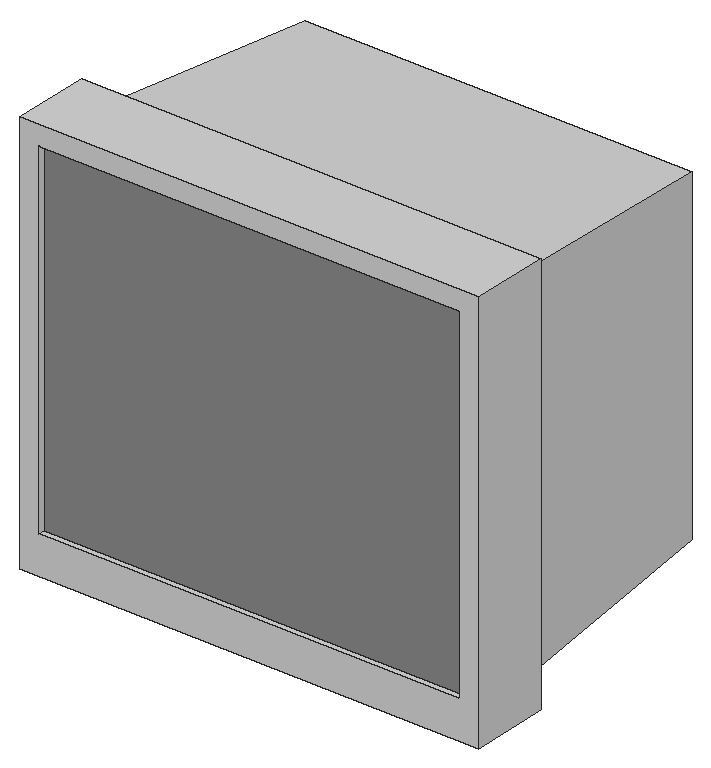
Revit family
Parameters (values of type "935mm Width")
  Vis - Symbolic Hidden = yes
  Material Screen = Glass - Grey, Dark
  Material = Plastic - Gray
  Keynote = "N"
  Depth = 635.00 mm
  Height = 825.00 mm
  Width = 935.00 mm
Types (5, lengths in mm): name | Vis - Symbolic Hidden | Material Screen | Depth | Height | Width
  (no name) | yes | Glass - Grey, Dark | 635.00 | 825.00 | 935.00
  648mm Width | no | none | 513.00 | 595.00 | 648.00
  520mm Width | no | none | 468.00 | 445.00 | 520.00
  754mm Width | no | Glass - Grey, Dark | 546.00 | 686.00 | 754.00
  935mm Width | yes | Glass - Grey, Dark | 635.00 | 825.00 | 935.00
Reference planes
  plane 1 "Center (Front/Back)": y = 0
  plane 2: z = 0
  plane 3 "Center (Left/Right)": x = 0
  plane 4: z = 825
  plane 5: y = -349.25
  plane 6: x = 467.5
  plane 7: x = -467.5
  plane 8: y = -190.5
  plane 9: x = -429.4
  plane 10: x = 429.4
  plane 11: x = -394.475
  plane 12: x = 394.475
  plane 13: z = 38.1
  plane 14: z = 76.2
  plane 15: z = 786.106
  plane 16: z = 748.006
  plane 17: y = 127
  plane 18: y = 285.75
  plane 19: y = -31.75
Forms (mm)
  Extrusion 1, solid, material "Plastic - Gray" <- "Material"
    sketch origin (0, 0, 0) x (1, 0, 0) y (0, 1, 0)
      loop
        line (-467.5, -190.5) -> (-467.5, -349.25) -> (467.5, -349.25) -> (467.5, -190.5) -> (-467.5, -190.5)
    from 0 to 825
  Blend 2, solid, material "Plastic - Gray" <- "Material"
    base sketch origin (-467.5, -349.25, 825) x (0, 0, -1) y (1, 0, 0)
      loop
        line (38.894, 38.1) -> (786.9, 38.1) -> (786.9, 896.9) -> (38.894, 896.9) -> (38.894, 38.1)
    top sketch origin (-467.5, -349.25, 825) x (0, 0, -1) y (1, 0, 0)
      loop
        line (76.994, 73.025) -> (748.8, 73.025) -> (748.8, 861.975) -> (76.994, 861.975) -> (76.994, 73.025)
    from -158.75 to -635
  Extrusion 3, void
    sketch origin (-467.5, -349.25, 825) x (0, 0, 1) y (1, 0, 0)
      loop
        line (-38.894, 38.1) -> (-38.894, 896.9) -> (-748.8, 896.9) -> (-748.8, 38.1) -> (-38.894, 38.1)
    from 0 to 14.728
Cuts and joins
  Extrusion 3 cuts Extrusion 1
  Extrusion 3 cuts Blend 2
Lines and regions (mm)
  Masking region 1
    outline origin (0, 0, 0) x (1, 0, 0) y (0, 1, 0)
      loop
        line (-429.4, -190.5) -> (-467.5, -190.5) -> (-467.5, -349.25) -> (467.398, -349.25) -> (467.398, -190.5) -> (429.4, -190.5) -> (394.475, 285.75) -> (-394.475, 285.75) -> (-429.4, -190.5)
  symbolic lines, visible <- "Vis - Symbolic Hidden"
    curve 1: line (467.398, -349.25, 0) -> (-467.5, -349.25, 0)
    curve 2: line (-467.5, -349.25, 0) -> (-467.5, -190.5, 0)
    curve 4: line (-429.4, -190.5, 0) -> (-394.475, 285.75, 0)
    curve 5: line (-394.475, 285.75, 0) -> (394.475, 285.75, 0)
    curve 6: line (394.475, 285.75, 0) -> (429.4, -190.5, 0)
    curve 7: line (467.398, -190.5, 0) -> (467.398, -349.25, 0)
  symbolic lines
    curve 3: line (-467.5, -190.5, 0) -> (467.398, -190.5, 0)
Dimensions and locks
  "Width": plane 7 to plane 6
  "Height": plane 4 to plane 2
  equal spacing: plane 7, plane 3 "Center (Left/Right)", plane 6
  plane 9 to plane 10 = 858.80 mm
  "Depth": plane 5 to plane 18
  equal spacing: plane 5, plane 8, plane 19, plane 17, plane 18
  locked: plane 7 to plane 9 at 38.1
  locked: plane 10 to plane 6 at 38.1
  locked: plane 15 to plane 4 at 38.894
  locked: plane 2 to plane 13 at 38.1
  locked: plane 9 to plane 11 at 34.925
  locked: plane 12 to plane 10 at 34.925
  locked: plane 16 to plane 15 at 38.1
  locked: plane 13 to plane 14 at 38.1
  aligned and locked: Extrusion 1 to plane 4
  aligned and locked: Masking region 1 sketch curve to curve 4
  aligned and locked: Masking region 1 sketch curve to curve 5
  aligned and locked: Masking region 1 sketch curve to curve 6
  aligned and locked: Masking region 1 sketch curve to curve 2
  aligned and locked: Masking region 1 sketch curve to curve 3
  aligned and locked: Masking region 1 sketch curve to curve 7
  aligned and locked: Masking region 1 sketch curve to curve 1
  aligned and locked: Extrusion 1 sketch curve to plane 5
  aligned and locked: Blend 2 to plane 18
  aligned and locked: plane 8 to cut or joined group of Blend 2, Extrusion 3
Automatic sketch dimensions
  Extrusion 1 sketch curve to plane 7 = 0.00 mm
  Extrusion 1 sketch curve to plane 6 = 0.00 mm
  Extrusion 1 sketch curve to plane 8 = 0.00 mm
  Blend 2 sketch curve to plane 10 = 0.00 mm
  Blend 2 sketch curve to plane 15 = 0.00 mm
  Blend 2 sketch curve to plane 13 = 0.00 mm
  Blend 2 sketch curve to plane 12 = 0.00 mm
  Blend 2 sketch curve to plane 16 = 0.00 mm
  Blend 2 sketch curve to plane 11 = 0.00 mm
  Blend 2 sketch curve to plane 14 = 0.00 mm
  Extrusion 3 sketch curve to plane 15 = 0.00 mm
  curve 1 to plane 5 = 0.00 mm
  curve 1 to plane 7 = 0.00 mm
  curve 4 to plane 8 = 0.00 mm
  curve 4 to plane 9 = 0.00 mm
  curve 5 to plane 11 = 0.00 mm
  curve 6 to plane 12 = 0.00 mm
  curve 6 to plane 10 = 0.00 mm
  curve 3 to plane 6 = 0.102 mm
  curve 5 to plane 18 = 0.00 mm
  Masking region 1 sketch curve to plane 8 = 0.00 mm
  Blend 2 sketch curve to Extrusion 1 = 38.10 mm
  Extrusion 3 sketch curve to Extrusion 1 = 76.20 mm
  Extrusion 1 to Extrusion 3 sketch curve = 38.10 mm
  Extrusion 3 sketch curve to Extrusion 1 = 38.10 mm
